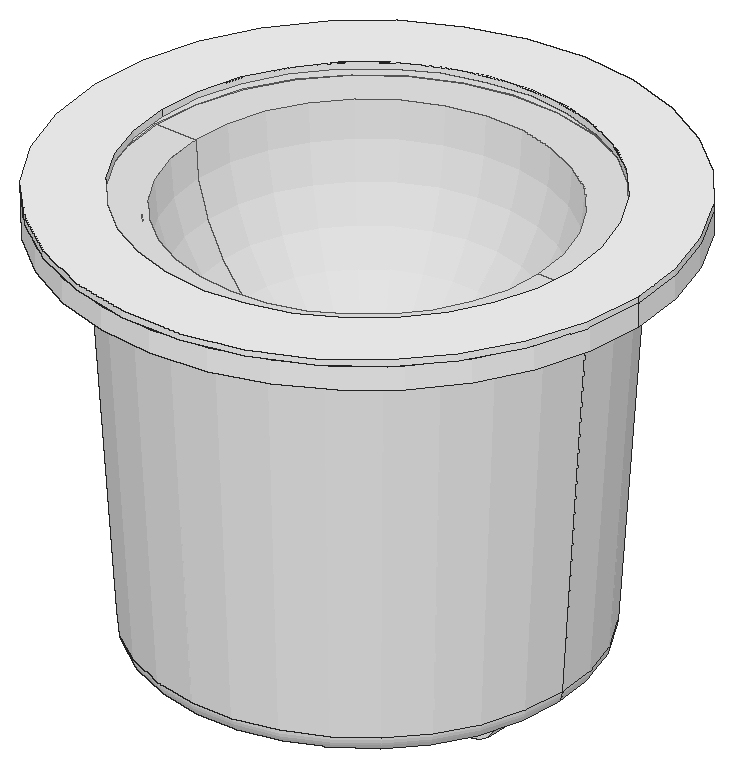
Revit family "2058938", category Lighting Fixtures, host Face, Revit 2018
Family settings
  Host = Face
  Round Connector Dimension = Use Diameter
  Part Type = Normal
  OmniClass Number = 23.80.70.11.17
  OmniClass Title = Specialized Lighting by Location or Use
  Cut with Voids When Loaded = No
  Light Source = Yes
  Shared = No
  Room Calculation Point = No
Parameters (values of type "2058938 MYRIAD DECO IP65 SP 4K PHD EM WH CBEZ")
  Weight = "n/a"
  Wattage = 15 W
  WarrantyStartDate [instance] = "n/a"
  WarrantyGuarantorParts = "n/a"
  WarrantyDurationUnit = "n/a"
  WarrantyDurationParts = ""
  WarrantyDescription = "http://www.sylvania-lighting.com"
  built-in parameter 1150110 = 1 (stored number, unit not read)
  Voltage = 230 V
  URL = "0"
  TypeName = "MYRIAD DECO IP65 SPOT 4000K PHDM EM WHITE CBEZ"
  Type Image = 0
  Type Comments = ""
  built-in parameter 1114217 = 1 (stored number, unit not read)
  Tilt Angle = -90°
  built-in parameter 1150109 = 1 (stored number, unit not read)
  built-in parameter 1150134 = (empty or 0)
  built-in parameter 1150113 = 1 (stored number, unit not read)
  SerialNumber [instance] = "n/a"
  Reflector Radius = Cutout Diameter / 2 - 2.5 mm  # 35.0 mm
  Reflector Material = Aluminum_Sylvania_Myriad_Bright
  Recessed Depth = Height  # 72.0 mm
  PowerFactor = 0
  PowerConsumption = "Lighting"
  Photometric Web File = "2058938.ies"
  NominalWidth = 0.0 mm
  NominalLength = 76.0 mm
  NominalHeight = 72.0 mm
  Name = "MYRIAD DECO IP65 SPOT 4000K PHDM EM WHITE CBEZ"
  ModelReference = "MYRIAD DECO IP65 SPOT 4000K PHDM EM WHITE CBEZ"
  ModelNumber = "2058938"
  Material = "Feilo Sylvania"
  ManufacturerName = "94 lm/W"
  LuminousEfficacy = ""
  LuminaireType = "0"
  LightOutputRatio = "LED"
  LampsType = Lamp  # "n/a"
  LampNominalLuminous = "4000 K"
  LampMacAdamStep = "90"
  LampColourTemperature = "LED"
  LampColourRenderingIndex = "16500"
  Keynote = "n/a"
  Keynote_2 = "16500"
  InstallationDate [instance] = "n/a"
  InputVoltage = "0"
  InputNominalFrequency = "4000"
  IngressProtection = "IfcLightFixtureType"
  ImpactProtectionIndex = "IfcLightFixtureType"
  IfcExportType = "IfcLightFixtureType"
  IfcExportAs = "Class II"
  Height = 72.0 mm  # constant formula
  ExpectedLife = 50000
  Emit from Circle Diameter = Accessory Inner Diameter 2  # 68.0 mm
  Emit Shape Visible in Rendering = no
  ElectricShockClassification = "94"
  DurationUnit = "hours"
  DocumentationLiterature = "http://www.sylvania-lighting.com/product/en-int/products/2058938"
  DimmingControlOptions = "n/a"
  Diffuser Material = Glass_Sylvania_Myriad_Clear_4000K
  Diffuser Diameter = Cutout Diameter  # 75.0 mm
  Cutout Diameter = 75.0 mm  # constant formula
  CreatedOn = "03/02/2022"
  CreatedBy = "@sylvania-lighting.com"
  built-in parameter 1001205 = 0
  Cost = 0
  built-in parameter 1114216 [instance] = 1 (stored number, unit not read)
  Model = "MYRIAD DECO IP65 SPOT 4000K PHDM EM WHITE CBEZ"
  Manufacturer = "Feilo Sylvania"  # constant formula
  built-in parameter 1150105 = 83.556 (stored number, unit not read)
  Lumens = 1050 lm
  built-in parameter 1150115 = 1 (stored number, unit not read)
  built-in parameter 1150137 = (empty or 0)
  built-in parameter 1150139 = (empty or 0)
  built-in parameter 1150112 = 1 (stored number, unit not read)
  built-in parameter 1150114 = 1 (stored number, unit not read)
  Lamp = "n/a"
  built-in parameter 1150132 = (empty or 0)
  built-in parameter 1150102 = (empty or 0)
  built-in parameter 1150107 = 2700 (stored number, unit not read)
  built-in parameter 1150138 = (empty or 0)
  built-in parameter 1150106 = 0.83556 (stored number, unit not read)
  built-in parameter 1150104 = 6.5032 (stored number, unit not read)
  Dimming Lamp Color Temperature Shift = <None>
  Description = "Supplied complete with electronic control gear Compact Fluorescent low energy downlight Emergency version passes through the cut out Ideal for low level orientation lighting New range of Architectural accessories each providing a different lit dimension New completely flush plaster up accessory ring for clean ceiling lines and smooth finish Order lamp separately"  # constant formula
  Default Elevation = 0.0 mm
  Color Filter = 16777215
  built-in parameter 1140040 [instance] = 1
  Body Radius = Reflector Radius + 1.5 mm  # 36.5 mm
  Body Material = Aluminum_Sylvania_Myriad_Gray
  BarCode [instance] = "n/a"
  built-in parameter 1114218 = 1 (stored number, unit not read)
  built-in parameter 1150133 = 10 (stored number, unit not read)
  AssetType = "Fixed"
  AssetIdentifier [instance] = "n/a"
  Assembly Code = "D5020200"
  Apparent Load = 12 VA
  Accessory Material = Aluminum_Sylvania_Myriad_White
  Accessory Inner Diameter 2 = Accessory Diameter - 22.0 mm  # 68.0 mm
  Accessory Inner Diameter 1 = Accessory Diameter - 2.0 mm  # 88.0 mm
  Accessory Diameter = Cutout Diameter + 15.0 mm  # 90.0 mm
Reference planes
  plane 1 "Center (Front/Back)": y = 0
  plane 2: z = 0
  plane 3 "Center (Left/Right)": x = 0
  plane 4: z = 2
  plane 5 "Fixture Bottom": z = 4.5
  plane 6: z = -28.5
  plane 7: z = -61.5
  plane 8 "Fixture Top": z = -67.5
  plane 9: z = 3.5
Forms (mm)
  Revolve 1, solid, material "Aluminum_Sylvania_Myriad_Bright" <- "Reflector Material", detail levels fine
    sketch origin (0, 0, 0) x (1, 0, 0) y (0, 0, 1)
      loop
        line (0, -27.515) -> (-6, -27.515)
        arc (-6, -27.515) -> (-22.333, -16.632) -> (-28.5, 2) r 30.135
        line (-28.5, 2) -> (-35, 2) -> (-35, 0) -> (-29.184, 0)
        arc (-29.184, 0) -> (-22.423, -18.18) -> (-6, -28.5) r 30.204
        line (-6, -28.5) -> (0, -28.5) -> (0, -27.515)
      axis (0, -28.5) -> (0, 2)
    angle from 0 to 360
  Revolve 2, solid, material "Aluminum_Sylvania_Myriad_Gray" <- "Body Material", detail levels fine
    sketch origin (0, 0, 0) x (1, 0, 0) y (0, 0, 1)
      loop
        line (-44, 2) -> (-44, 0) -> (-36.5, 0) -> (-32.42, -58.708)
        arc (-32.42, -58.708) -> (-31.474, -60.694) -> (-29.428, -61.5) r 3
        line (-29.428, -61.5) -> (0, -61.5) -> (0, -28.5) -> (-6, -28.5)
        arc (-6, -28.5) -> (-22.423, -18.18) -> (-29.184, 0) r 30.204
        line (-29.184, 0) -> (-35, 0) -> (-35, 2) -> (-44, 2)
      axis (0, 2) -> (0, -61.5)
    angle from 0 to 360
  Extrusion 3, solid, material "Aluminum_Sylvania_Myriad_Gray" <- "Body Material", detail levels fine
    sketch origin (0, 0, 0) x (1, 0, 0) y (0, 0, 1)
      loop
        line (-13.5, -67.5) -> (21, -67.5)
        arc (21, -67.5) -> (23.828, -66.328) -> (25, -63.5) r 4
        line (25, -63.5) -> (25, -61.5) -> (-17.5, -61.5) -> (-17.5, -63.5)
        arc (-17.5, -63.5) -> (-16.328, -66.328) -> (-13.5, -67.5) r 4
    from -4.5 to 4.5
  Extrusion 4, solid, material "Aluminum_Sylvania_Myriad_White" <- "Accessory Material", detail levels fine
    sketch origin (0, 0, 0) x (1, 0, 0) y (0, 1, 0)
      loop
        circle (0, 0) r 45
      loop
        circle (0, 0) r 44
    from 0 to 3.5
  Extrusion 5, solid, material "Aluminum_Sylvania_Myriad_White" <- "Accessory Material", detail levels fine
    sketch origin (0, 0, 0) x (1, 0, 0) y (0, 1, 0)
      loop
        circle (0, 0) r 45
      loop
        circle (0, 0) r 34
    from 3.5 to 4.5
  Extrusion 6, solid, material "Aluminum_Sylvania_Myriad_White" <- "Accessory Material", detail levels coarse+medium
    sketch origin (0, 0, 0) x (1, 0, 0) y (0, 1, 0)
      loop
        circle (0, 0) r 45
    from 0 to 4.5
  Revolve 7, solid, detail levels coarse+medium
    sketch origin (0, 0, 0) x (1, 0, 0) y (0, 0, 1)
      loop
        line (36.5, 0) -> (0, 0) -> (0, -61.5) -> (32.226, -61.5) -> (36.5, 0)
      axis (0, 0) -> (0, -61.5)
    angle from 0 to 360
  Extrusion 8, void
    sketch origin (0, 0, 0) x (1, 0, 0) y (0, 1, 0)
      loop
        circle (0, 0) r 37.5
    from -67.5 to 0
  Extrusion 9, solid, material "Glass_Sylvania_Myriad_Clear_4000K" <- "Diffuser Material", detail levels fine
    sketch origin (0, 0, 0) x (1, 0, 0) y (0, 1, 0)
      loop
        circle (0, 0) r 37.5
    from 2 to 3.5
Cuts and joins
  joined: Extrusion 4, Extrusion 5
Lines and regions (mm)
  Masking region 1
    outline origin (0, 0, 0) x (1, 0, 0) y (0, 1, 0)
      loop
        circle (0, 0) r 45
  symbolic lines
    curve 1: arc (-34, 0, 0) -> (0, 34, 0) -> (34, 0, 0) r 34
    curve 2: arc (34, 0, 0) -> (0, -34, 0) -> (-34, 0, 0) r 34
Dimensions and locks
  locked: plane 7 to plane 8 "Fixture Top" at 6
  "Body Radius": Revolve 7 sketch curve to plane 3 "Center (Left/Right)"
  locked: Revolve 7 sketch curve to Revolve 7 sketch curve at 4.274
  plane 5 "Fixture Bottom" to plane 9 to plane 4 to plane 2 to plane 6 = 1.0 mm locked, 1.5 mm locked, 2.0 mm locked, 28.5 mm locked
  "Reflector Radius": Revolve 1 sketch curve to plane 3 "Center (Left/Right)"
  Revolve 1 sketch curve to Revolve 1 sketch curve to Revolve 1 sketch curve to Revolve 1 sketch curve = 6.5 mm locked, 22.5 mm locked, 0.0 mm locked
  "Reflector Radius": plane 3 "Center (Left/Right)" to Revolve 2 sketch curve
  Revolve 2 sketch curve to Revolve 2 sketch curve to Revolve 2 sketch curve = 7.5 mm locked, 1.5 mm locked
  Revolve 2 sketch curve to Revolve 2 sketch curve to Revolve 2 sketch curve = 5.816 mm locked, 23.184 mm locked
  Revolve 2 sketch curve to Revolve 2 sketch curve to Revolve 2 sketch curve = 2.58 mm locked, 2.993 mm locked
  "Accessory Diameter": diameter of Extrusion 4 sketch curve
  "Accessory Inner Diameter 1": diameter of Extrusion 4 sketch curve
  "Accessory Diameter": diameter of Extrusion 5 sketch curve
  "Accessory Diameter": diameter of Extrusion 6 sketch curve
  "Cutout Diameter": diameter of Extrusion 8 sketch curve
  "Accessory Inner Diameter 2": diameter of Extrusion 5 sketch curve
  "Diffuser Diameter": diameter of Extrusion 9 sketch curve
  aligned and locked: plane 2 to host face
  aligned and locked: level to host face
  aligned and locked: plane 1 "Center (Front/Back)" to imposter light
  aligned and locked: plane 3 "Center (Left/Right)" to imposter light
  aligned and locked: Revolve 1 sketch curve to imposter light
  aligned and locked: Extrusion 3 sketch curve to plane 8 "Fixture Top"
  aligned and locked: plane 7 to Extrusion 3 sketch curve
  aligned and locked: Extrusion 4 to plane 2
  aligned and locked: plane 9 to Extrusion 4
  aligned and locked: Extrusion 5 to plane 9
  aligned and locked: plane 5 "Fixture Bottom" to Extrusion 5
  aligned and locked: Extrusion 6 to plane 2
  aligned and locked: plane 5 "Fixture Bottom" to Extrusion 6
  aligned and locked: Extrusion 8 to plane 8 "Fixture Top"
  aligned and locked: plane 2 to Extrusion 8
  aligned and locked: Masking region 1 sketch curve to Extrusion 6  (x2)
  aligned and locked: Extrusion 9 to plane 4
  aligned and locked: plane 9 to Extrusion 9
  aligned and locked: plane 4 to Revolve 2 sketch curve
  aligned and locked: Revolve 2 sketch curve to plane 2
  aligned and locked: curve 1 to cut or joined group of Extrusion 4, Extrusion 5
  aligned and locked: curve 2 to cut or joined group of Extrusion 4, Extrusion 5
  aligned and locked: imposter light to plane 5 "Fixture Bottom"
Automatic sketch dimensions
  host sketch curve to host sketch curve = 1305.563 mm
  host sketch curve to host sketch curve = 1283.632 mm
  Extrusion 3 sketch curve to plane 7 = 2.0 mm
  Extrusion 3 sketch curve to plane 3 "Center (Left/Right)" = 13.5 mm
  plane 3 "Center (Left/Right)" to Extrusion 3 sketch curve = 21.0 mm
  Extrusion 3 sketch curve to Extrusion 3 sketch curve = 4.0 mm
  Revolve 1 sketch curve to level = 0.0 mm
  Revolve 1 sketch curve to plane 3 "Center (Left/Right)" = 0.0 mm
  Revolve 1 sketch curve to plane 6 = 0.0 mm
  Revolve 1 sketch curve to plane 4 = 0.0 mm
  Revolve 1 sketch curve to Revolve 1 sketch curve = 0.684 mm
  level to Revolve 1 sketch curve = 0.88 mm
  Revolve 1 sketch curve to plane 4 = 0.363 mm
  Revolve 1 sketch curve to Revolve 1 sketch curve = 0.625 mm
  Revolve 1 sketch curve to plane 8 "Fixture Top" = 232.8 mm
  plane 5 "Fixture Bottom" to Revolve 1 sketch curve = 291.243 mm
  Revolve 2 sketch curve to plane 3 "Center (Left/Right)" = 0.0 mm  (x2)
  Revolve 2 sketch curve to plane 7 = 0.0 mm
  Revolve 2 sketch curve to plane 6 = 0.0 mm
  Revolve 2 sketch curve to level = 0.0 mm
  level to Revolve 2 sketch curve = 0.88 mm
  plane 7 to Revolve 2 sketch curve = 2.792 mm
  Revolve 2 sketch curve to plane 8 "Fixture Top" = 304.774 mm
  plane 5 "Fixture Bottom" to Revolve 2 sketch curve = 1137.105 mm
  Extrusion 4 sketch curve to Extrusion 4 sketch curve = 0.0 mm  (x2)
  plane 1 "Center (Front/Back)" to Extrusion 4 sketch curve = 0.0 mm
  Extrusion 4 sketch curve to plane 3 "Center (Left/Right)" = 0.0 mm
  Extrusion 5 sketch curve to Extrusion 5 sketch curve = 0.0 mm  (x2)
  plane 1 "Center (Front/Back)" to Extrusion 5 sketch curve = 0.0 mm
  Extrusion 5 sketch curve to plane 3 "Center (Left/Right)" = 0.0 mm
  plane 1 "Center (Front/Back)" to Extrusion 6 sketch curve = 0.0 mm
  Extrusion 6 sketch curve to plane 3 "Center (Left/Right)" = 0.0 mm
  Revolve 7 sketch curve to level = 0.0 mm
  Revolve 7 sketch curve to plane 3 "Center (Left/Right)" = 0.0 mm  (x2)
  Revolve 7 sketch curve to plane 7 = 0.0 mm
  Revolve 7 sketch curve to plane 8 "Fixture Top" = 304.774 mm
  plane 5 "Fixture Bottom" to Revolve 7 sketch curve = 43.226 mm
  plane 1 "Center (Front/Back)" to Extrusion 8 sketch curve = 0.0 mm
  Extrusion 8 sketch curve to plane 3 "Center (Left/Right)" = 0.0 mm
  plane 1 "Center (Front/Back)" to Extrusion 9 sketch curve = 0.0 mm
  Extrusion 9 sketch curve to plane 3 "Center (Left/Right)" = 0.0 mm
Connectors
  electrical at (-0.006, -0.019, -67.5), driven by "Apparent Load", driven by "Apparent Load"
    settings: on plane 8 "Fixture Top", index 1, voltage 230 V, apparent load 12 VA, apparent load phase1 12 VA, apparent load phase2 0 VA, apparent load phase3 0 VA, power factor 1, load classification "Lighting", number of poles 1, system type 30, power factor state 1, is connector primary yes, connector utility no, sub classification motor no, connector description ""
